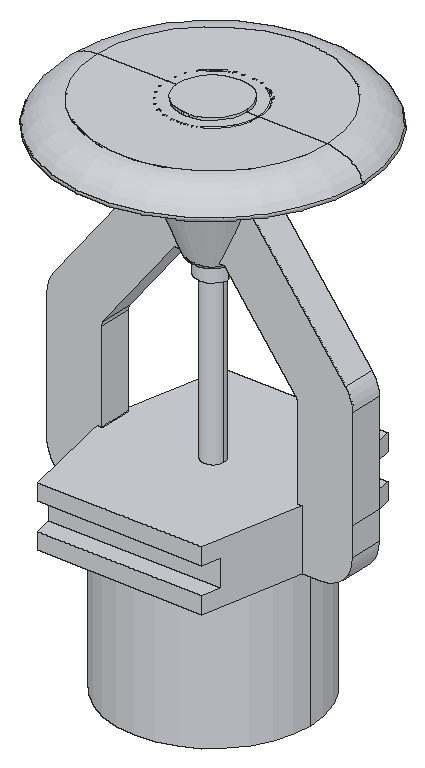
Revit family
Parameters (values of type "RASCO J112 UPRIGHT")
  Temperature Rating = 200 °F
  Response = 1
  RASCO SIN # = "RA7326"
  RASCO Part # = "J112U2C"
  Pressure Rating = "175 PSI"
  Pressure Class = (empty or 0)
  Orifice Size = 3/4"
  Orifice = (empty or 0)
  Model = "J112"
  Manufacturer = "RASCO"
  K-Factor = 11.2
  Description = "CHROME FINISH"
  Coverage = (empty or 0)
Reference planes (in)
  plane 1 "Center (Front/Back)": y = 0
  plane 2: z = 0
  plane 3 "Center (Left/Right)": x = 0
Nested families (in)
  nested 1: "J112U2C" at (0, 0, 0), type "RASCO J112 UPRIGHT"
Connectors (in)
  piping at (0, 0, 0)
    settings: on nested 1, index 1, connector radius 1/2", flow factor 0, pipe flow 0 GPM, pressure drop 0.00 psi, fitting loss kfactor 0, connector angle 0.00°, fixture units 0, flow configuration 0, flow direction 0, fitting loss method 0, system type 7, connector reference index -1, connector utility 0, adjustable connector no, is connector primary yes, fitting loss table "", connector description ""
Definition of nested family "J112U2C"
  Parameters (values of type "RASCO J112 UPRIGHT")
    Type Comments = ""
    Temperature Rating = 0 °F
    Response = (empty or 0)
    Pressure Rating = "0"
    Pressure Class = (empty or 0)
    Orifice Size = 0"
    Orifice = (empty or 0)
    Model = ""
    Manufacturer = ""
    K-Factor = 0
    Description = ""
    Coverage = (empty or 0)
    Assembly Code = ""
  Reference planes (in)
    plane 1 "Center (Front/Back)": y = 0
    plane 2: z = 0
    plane 3 "REF.1": z = 0.773
    plane 4 "top": z = 2.8125
    plane 5: x = -0.81624
    plane 6: x = 0.81332
    plane 7 "ref.2": z = 2.098
    plane 8 "head": z = 2.6725
    plane 9 "left/right center": x = 0
    plane 10 "screw": z = 1.98251
    plane 11 "bulb": z = 1.098
  Forms (in)
    Extrusion 1, solid
      sketch origin (0, 0, 0) x (1, 0, 0) y (0, 1, 0)
        loop
          circle (0, 0) r 0.5221
      from 0 to 0.773
    Extrusion 2, solid
      sketch origin (0, 0, 0.773) x (-1, 0, 0) y (0, -1, 0)
        loop
          line (-0.43619, -0.62052) -> (0.4375, -0.62052) -> (0.56391, 0) -> (0.4375, 0.62052) -> (-0.43619, 0.62052) -> (-0.56259, 0) -> (-0.43619, -0.62052)
      from 0 to 0.325
    Extrusion 3, void
      sketch origin (0, 0, 0) x (1, 0, 0) y (0, 0, 1)
        loop
          line (-0.56391, 1.00774) -> (-0.56391, 0.86298) -> (0.56259, 0.86298) -> (0.56259, 1.00774) -> (-0.56391, 1.00774)
      from 0.52148 to 0.62052
    Extrusion 4, solid
      sketch origin (0, 0, 0) x (1, 0, 0) y (0, 0, 1)
        loop
          line (-0.5221, 0.773) -> (-0.5221, 1.098) -> (-0.5221, 1.58091)
          arc (-0.5221, 1.58091) -> (-0.5194, 1.59708) -> (-0.51161, 1.61149) r 0.04979
          line (-0.51161, 1.61149) -> (-0.13316, 2.098) -> (-0.00066, 2.098) -> (0.13184, 2.098) -> (0.5115, 1.61158)
          arc (0.5115, 1.61158) -> (0.51938, 1.59706) -> (0.5221, 1.58077) r 0.05007
          line (0.5221, 1.58077) -> (0.5221, 1.098) -> (0.5221, 0.773) -> (0.64763, 0.773)
          arc (0.64763, 0.773) -> (0.76676, 0.82234) -> (0.8161, 0.94147) r 0.16847
          line (0.8161, 0.94147) -> (0.8161, 1.098) -> (0.8161, 1.63725)
          arc (0.8161, 1.63725) -> (0.80631, 1.69579) -> (0.77801, 1.74796) r 0.17993
          line (0.77801, 1.74796) -> (0.18552, 2.50706) -> (-0.18743, 2.50706) -> (-0.77818, 1.74764)
          arc (-0.77818, 1.74764) -> (-0.80636, 1.69554) -> (-0.8161, 1.63712) r 0.18
          line (-0.8161, 1.63712) -> (-0.8161, 1.098) -> (-0.8161, 0.94094)
          arc (-0.8161, 0.94094) -> (-0.76691, 0.82219) -> (-0.64816, 0.773) r 0.16794
          line (-0.64816, 0.773) -> (-0.5221, 0.773)
      from -0.08649 to 0.08732
    Extrusion 5, void
      sketch origin (0.00728, 1.142, 0) x (1, 0, 0) y (0, 0, 1)
        loop
          line (-0.56391, 1.00774) -> (-0.56391, 0.86298) -> (0.56259, 0.86298) -> (0.56259, 1.00774) -> (-0.56391, 1.00774)
      from 0.52148 to 0.62052
    Revolve 6, solid
      sketch origin (0, 0, 0) x (1, 0, 0) y (0, 0, 1)
        loop
          line (-0.00066, 2.8125) -> (-0.24139, 2.8125)
          arc (-0.24139, 2.8125) -> (-0.25522, 2.80677) -> (-0.26095, 2.79293) r 0.01957
          line (-0.26095, 2.79293) -> (-0.26095, 2.42899)
          arc (-0.26095, 2.42899) -> (-0.25939, 2.41285) -> (-0.25476, 2.3973) r 0.08419
          line (-0.25476, 2.3973) -> (-0.12582, 2.07995)
          arc (-0.12582, 2.07995) -> (-0.11591, 2.06775) -> (-0.10088, 2.06316) r 0.02692
          line (-0.10088, 2.06316) -> (-0.00066, 2.06316) -> (-0.00066, 2.8125)
        axis (-0.00066, 2.8125) -> (-0.00066, 2.06316)
      angle from 0 to 360
    Revolve 7, solid
      sketch origin (0, 0, 0) x (1, 0, 0) y (0, 0, 1)
        loop
          line (-0.00095, 2.8125) -> (-0.61569, 2.8125)
          arc (-0.61569, 2.8125) -> (-0.72648, 2.78068) -> (-0.8035, 2.69491) r 0.20878
          arc (-0.8035, 2.69491) -> (-0.8027, 2.68003) -> (-0.78967, 2.67281) r 0.01538
          line (-0.78967, 2.67281) -> (-0.00095, 2.67281) -> (-0.00095, 2.8125)
        axis (-0.00095, 2.8125) -> (-0.00095, 2.67281)
      angle from 0 to 360
    Extrusion 8, solid
      sketch origin (0, 0, 2.8125) x (-1, 0, 0) y (0, -1, 0)
        loop
          circle (0.00095, 0) r 0.18173
      from 0 to 0.01153
    Extrusion 9, solid
      sketch origin (0, 0, 1.98251) x (-1, 0, 0) y (0, -1, 0)
        loop
          circle (0, 0) r 0.087
      from 0 to 0.0806
    Extrusion 10, solid
      sketch origin (0, 0, 1.098) x (-1, 0, 0) y (0, -1, 0)
        loop
          circle (0, 0) r 0.05954
      from 0 to 0.88451
  Cuts and joins
    Extrusion 3, Extrusion 5 cuts Extrusion 2
  Dimensions and locks (in)
    plane 4 "top" to level = 0' - 2 13/16"
